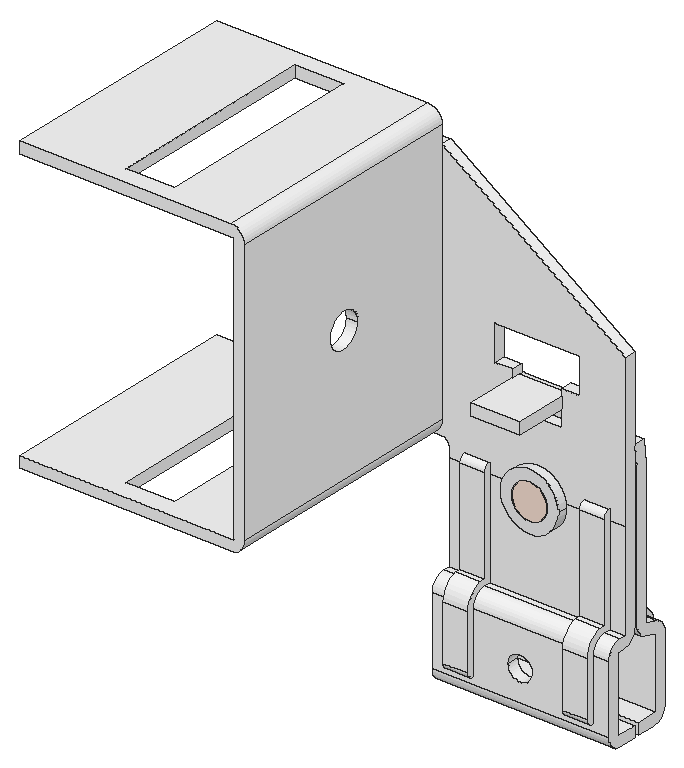
Revit family "CTハンガーH=20アキ右", category 機械設備, Revit 2020
Family settings
  丸型コネクタ寸法 = 直径を使用
  種別 = なし
  パーツ タイプ = 標準
  作業面ベース = いいえ
  常に垂直 = はい
  ロード時にボイドで切り取り = いいえ
  共有 = いいえ
  部屋計算ポイント = いいえ
Parameters
  製造元 = "株式会社桐井製作所"
  既定の高さ = 0 mm
  URL = "https://www.kirii.co.jp/"
  K_材質 = "溶融亜鉛めっき鋼板及び鋼帯 SGCC 一般用"
  K_品名 = "CTハンガーH＝20アキ右"
  K_名称 = "CTハンガー"
  K_入数 = "200"
  K_備考 = "対象Tバー：eT4025、eAT4025"
  K_バージョン情報 = "20220915"
  K_めっき付着量 = "Z12"
  K_JIS規格 = "JIS G 3302"
Reference planes
  plane 1 "中心(正面/背面)": y = 0
  plane 2: z = 0
  plane 3 "中心(左/右)": x = 0
Forms (mm)
  Extrusion 1, solid, material "05吊り材"
    sketch origin (0, -1.2, 0) x (0, -1, 0) y (0, 0, 1)
      loop
        line (1.8, -3.544) -> (1.8, -14.044) -> (-1.2, -14.044) -> (-1.2, -15.644) -> (1.4, -15.644)
        arc (1.4, -15.644) -> (2.814, -15.058) -> (3.4, -13.644) r 2
        line (3.4, -13.644) -> (3.4, -3.944)
        arc (3.4, -3.944) -> (2.814, -2.53) -> (1.4, -1.944) r 2
        line (1.4, -1.944) -> (0.4, -1.944) -> (0.4, 11.856) -> (0.4, 51.456) -> (-1.2, 51.456) -> (-1.2, -1.544)
        arc (-1.2, -1.544) -> (-0.614, -2.958) -> (0.8, -3.544) r 2
        line (0.8, -3.544) -> (1.8, -3.544)
    from -12.5 to 15.1
  Extrusion 2, solid, material "アルミニウム"
    sketch origin (0, -1.2, 4.922) x (-1, 0, 0) y (0, 0, 1)
      loop
        circle (0, 6.436) r 4.1
      loop
        circle (0, 6.436) r 2.499
    from -1.8 to 0
  Extrusion 3, solid, material "05吊り材"
    sketch origin (16, -1.2, 0) x (0, -1, 0) y (0, 0, 1)
      loop
        arc (1.3, 12.456) -> (1.036, 13.093) -> (0.4, 13.356) r 0.9
        line (0.4, 13.356) -> (0.4, -1.944) -> (1.4, -1.944)
        arc (1.4, -1.944) -> (2.814, -2.53) -> (3.4, -3.944) r 2
        line (3.4, -3.944) -> (3.4, -12.644)
        arc (3.4, -12.644) -> (4.036, -12.38) -> (4.3, -11.744) r 0.9
        line (4.3, -11.744) -> (4.3, -3.944)
        arc (4.3, -3.944) -> (3.685, -2.14) -> (2.095, -1.087) r 2.953
        line (2.095, -1.087) -> (1.3, -1.087) -> (1.3, 12.456)
      loop
        line (-4, -1.245) -> (-5.318, -1.633)
        arc (-5.318, -1.633) -> (-6.822, -2.678) -> (-7.4, -4.415) r 2.9
        line (-7.4, -4.415) -> (-7.4, -11.844)
        arc (-7.4, -11.844) -> (-7.166, -12.409) -> (-6.6, -12.644) r 0.8
        line (-6.6, -12.644) -> (-6.6, -4.415)
        arc (-6.6, -4.415) -> (-6.181, -3.157) -> (-5.093, -2.4) r 2.1
        line (-5.093, -2.4) -> (-3.2, -1.844) -> (-3.2, 14.356)
        arc (-3.2, 14.356) -> (-3.766, 14.122) -> (-4, 13.556) r 0.8
        line (-4, 13.556) -> (-4, -1.245)
    from 5.75 to 9.25
  Extrusion 4, void
    sketch origin (0, -1.2, 0) x (-1, 0, 0) y (0, 0, 1)
      loop
        line (-6, 31.356) -> (-6, 26.343) -> (-3.5, 26.343) -> (-3.5, 21.356) -> (3.5, 21.356) -> (3.5, 26.343) -> (6, 26.343) -> (6, 31.356) -> (-6, 31.356)
    from -0.4 to 1.2
  Extrusion 5, void
    sketch origin (0.011, -1.2, 4.995) x (-1, 0, 0) y (0, 0, 1)
      loop
        circle (0, 6.373) r 2.5
    from -1.3 to 3.2
  Extrusion 6, void
    sketch origin (0, 0.4, 0) x (1, 0, 0) y (0, 0, 1)
      loop
        line (-13.5, 51.456) -> (12.5, 33.456) -> (12.5, 51.456) -> (-13.5, 51.456)
    from 0.4 to 2
  Extrusion 7, void
    sketch origin (0, 0.4, 0) x (1, 0, 0) y (0, 0, 1)
      loop
        line (-13.5, 14.387) -> (-15.1, 14.387) -> (-15.1, -15.644) -> (-12.5, -15.644) -> (-12.5, 13.387)
        arc (-12.5, 13.387) -> (-12.793, 14.095) -> (-13.5, 14.387) r 1
    from -1.2 to 6.3
  Extrusion 8, void
    sketch origin (0, 42.1, 50.967) x (1, 0, 0) y (0, 0, 1)
      loop
        line (-3.5, -25.623) -> (-12.5, -25.623) -> (-12.5, -29.342) -> (-3.5, -29.342) -> (-3.5, -25.623)
      loop
        line (12.5, -25.623) -> (3.5, -25.623) -> (3.5, -29.342) -> (12.5, -29.342) -> (12.5, -25.623)
    from 39.7 to 51.6
  Extrusion 9, solid, material "05吊り材"
    sketch origin (0, -1.2, 0) x (0, -1, 0) y (0, 0, 1)
      loop
        line (-5, -4.041) -> (-3.107, -3.484)
        arc (-3.107, -3.484) -> (-2.019, -2.728) -> (-1.6, -1.47) r 2.1
        line (-1.6, -1.47) -> (-1.6, 18.356) -> (-1.1, 23.256)
        arc (-1.1, 23.256) -> (-0.954, 23.61) -> (-0.6, 23.756) r 0.5
        line (-0.6, 23.756) -> (7.9, 23.756) -> (7.9, 25.343) -> (-0.6, 25.343)
        arc (-0.6, 25.343) -> (-1.932, 24.867) -> (-2.659, 23.655) r 2.1
        line (-2.659, 23.655) -> (-3.2, 18.356) -> (-3.2, -1.844) -> (-5.093, -2.4)
        arc (-5.093, -2.4) -> (-6.181, -3.157) -> (-6.6, -4.415) r 2.1
        line (-6.6, -4.415) -> (-6.6, -13.544)
        arc (-6.6, -13.544) -> (-5.985, -15.029) -> (-4.5, -15.644) r 2.1
        line (-4.5, -15.644) -> (-2, -15.644) -> (-2, -14.044) -> (-5, -14.044) -> (-5, -4.041)
    from -12.5 to 12.5
  Extrusion 10, solid, material "05吊り材"
    sketch origin (-1, -1.2, 0) x (0, -1, 0) y (0, 0, 1)
      loop
        arc (1.3, 12.456) -> (1.036, 13.093) -> (0.4, 13.356) r 0.9
        line (0.4, 13.356) -> (0.4, -1.944) -> (1.4, -1.944)
        arc (1.4, -1.944) -> (2.814, -2.53) -> (3.4, -3.944) r 2
        line (3.4, -3.944) -> (3.4, -12.644)
        arc (3.4, -12.644) -> (4.036, -12.38) -> (4.3, -11.744) r 0.9
        line (4.3, -11.744) -> (4.3, -3.944)
        arc (4.3, -3.944) -> (3.685, -2.14) -> (2.095, -1.087) r 2.953
        line (2.095, -1.087) -> (1.3, -1.087) -> (1.3, 12.456)
      loop
        line (-4, -1.245) -> (-5.318, -1.633)
        arc (-5.318, -1.633) -> (-6.822, -2.678) -> (-7.4, -4.415) r 2.9
        line (-7.4, -4.415) -> (-7.4, -11.844)
        arc (-7.4, -11.844) -> (-7.166, -12.409) -> (-6.6, -12.644) r 0.8
        line (-6.6, -12.644) -> (-6.6, -4.415)
        arc (-6.6, -4.415) -> (-6.181, -3.157) -> (-5.093, -2.4) r 2.1
        line (-5.093, -2.4) -> (-3.2, -1.844) -> (-3.2, 14.356)
        arc (-3.2, 14.356) -> (-3.766, 14.122) -> (-4, 13.556) r 0.8
        line (-4, 13.556) -> (-4, -1.245)
    from 5.75 to 9.25
  Extrusion 11, solid, material "05吊り材"
    sketch origin (16, -1.2, 0) x (0, -1, 0) y (0, 0, 1)
      loop
        arc (1.3, 12.456) -> (1.036, 13.093) -> (0.4, 13.356) r 0.9
        line (0.4, 13.356) -> (0.4, -1.944) -> (1.4, -1.944)
        arc (1.4, -1.944) -> (2.814, -2.53) -> (3.4, -3.944) r 2
        line (3.4, -3.944) -> (3.4, -12.644)
        arc (3.4, -12.644) -> (4.036, -12.38) -> (4.3, -11.744) r 0.9
        line (4.3, -11.744) -> (4.3, -3.944)
        arc (4.3, -3.944) -> (3.685, -2.14) -> (2.095, -1.087) r 2.953
        line (2.095, -1.087) -> (1.3, -1.087) -> (1.3, 12.456)
      loop
        line (-4, -1.245) -> (-5.318, -1.633)
        arc (-5.318, -1.633) -> (-6.822, -2.678) -> (-7.4, -4.415) r 2.9
        line (-7.4, -4.415) -> (-7.4, -11.844)
        arc (-7.4, -11.844) -> (-7.166, -12.409) -> (-6.6, -12.644) r 0.8
        line (-6.6, -12.644) -> (-6.6, -4.415)
        arc (-6.6, -4.415) -> (-6.181, -3.157) -> (-5.093, -2.4) r 2.1
        line (-5.093, -2.4) -> (-3.2, -1.844) -> (-3.2, 14.356)
        arc (-3.2, 14.356) -> (-3.766, 14.122) -> (-4, 13.556) r 0.8
        line (-4, 13.556) -> (-4, -1.245)
    from 5.75 to 9.25
  Extrusion 12, solid, material "05吊り材"
    sketch origin (0, -1.6, -0.469) x (1, 0, 0) y (0, 0, 1)
      loop
        line (-45.5, 56.456) -> (-45.5, 54.856) -> (-15.1, 54.856) -> (-15.1, 16.456) -> (-45.5, 16.456) -> (-45.5, 14.856) -> (-15.1, 14.856)
        arc (-15.1, 14.856) -> (-13.949, 15.576) -> (-13.5, 16.856) r 2.05
        line (-13.5, 16.856) -> (-13.5, 54.456)
        arc (-13.5, 54.456) -> (-14.086, 55.87) -> (-15.5, 56.456) r 2
        line (-15.5, 56.456) -> (-45.5, 56.456)
    from 0 to 35
  Extrusion 13, void
    sketch origin (0, -1.6, 0) x (0, 1, 0) y (0, 0, 1)
      loop
        circle (-17.5, 35.456) r 2.5
    from -15.1 to -13.5
  Extrusion 14, void
    sketch origin (0, -1.6, -40) x (1, 0, 0) y (0, 1, 0)
      loop
        line (-32.5, -2.5) -> (-32.5, -32.5) -> (-25.5, -32.5) -> (-25.5, -2.5) -> (-32.5, -2.5)
    from 54.387 to 55.987
  Extrusion 15, void
    sketch origin (0, -1.6, 0) x (1, 0, 0) y (0, 1, 0)
      loop
        line (-32.5, -2.5) -> (-32.5, -32.5) -> (-25.5, -32.5) -> (-25.5, -2.5) -> (-32.5, -2.5)
    from 54.387 to 55.987
  Extrusion 16, void
    sketch origin (0, 0, -4.375) x (1, 0, 0) y (0, 0, 1)
      loop
        circle (0, -4.769) r 1.75
    from 3 to 4.6
  Extrusion 17, void
    sketch origin (0, 8.4, -4.375) x (1, 0, 0) y (0, 0, 1)
      loop
        circle (0, -4.769) r 1.75
    from 3 to 4.6
Cuts and joins
  Extrusion 4, Extrusion 5, Extrusion 6, Extrusion 7, Extrusion 16, Extrusion 17 cuts Extrusion 1
  Extrusion 13, Extrusion 14, Extrusion 15, Extrusion 16, Extrusion 17 cuts Extrusion 12
  joined: Extrusion 1, Extrusion 12
  Extrusion 5, Extrusion 8, Extrusion 17 cuts Extrusion 9
  joined: Extrusion 3, Extrusion 9, Extrusion 10, Extrusion 11
Dimensions and locks
  aligned and locked: level to plane 2
Nested families
  nested 1: "直吊りハンガー用ビス" at (0, 2, 11.334) x (-1, 0, 0) z (0, 0, 1), type "直吊りハンガー用ビス"
Definition of nested family "直吊りハンガー用ビス"
  Parameters (values of type "直吊りハンガー用ビス")
    Manufacturer = "株式会社桐井製作所"
    Default Elevation = 0 mm
    URL = "https://www.kirii.co.jp/"
    K_名称 = "M6×25ボルト"
  Reference planes
    plane 1 "中心(正面/背面)": y = 0
    plane 2: z = 0
    plane 3 "中心(左/右)": x = 0
    plane 4 "正面": y = -5
  Forms (mm)
    Extrusion 1, solid
      sketch origin (0, 0, 0.234) x (1, 0, 0) y (0, 0, 1)
        loop
          circle (-0.011, -0.2) r 2.5
      from 0 to -5
    Revolve 2, solid
      sketch origin (0, 0, 0) x (0, 1, 0) y (0, 0, 1)
        loop
          line (0, 0) -> (-2.299, 0) -> (-2.299, -1.966)
          arc (-2.299, -1.966) -> (-1.904, -2.921) -> (-0.949, -3.316) r 1.35
          line (-0.949, -3.316) -> (0, -3.316) -> (0, 0)
        axis (0, 0) -> (-2.299, 0)
      angle from 0 to 360
  Cuts and joins
    joined: Extrusion 1, Revolve 2
  Dimensions and locks
    aligned and locked: level to plane 2
